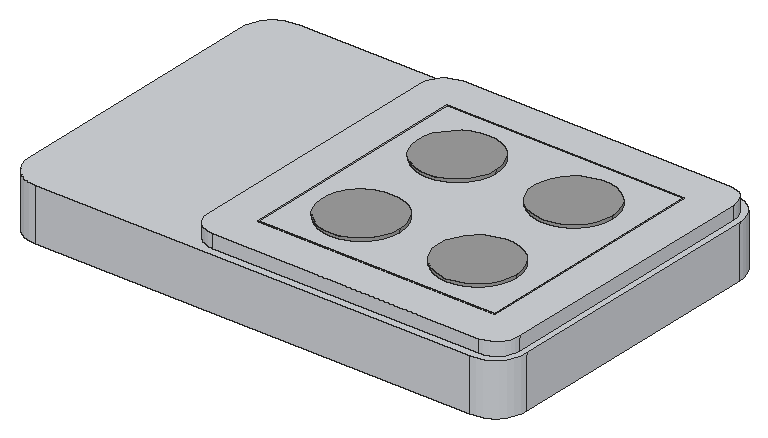
Revit family "Lighting-Industriale-GEWISS-SMART[4]HE_APPARECCHI-LED_1M", category Apparecchi per illuminazione, Revit 2019
Family settings
  Quota connettore circolare = Usa diametro
  Tipo di parte = Normale
  Numero OmniClass = 23.80.00.00
  Titolo OmniClass = Electric Power and Lighting
  Basato su piano di lavoro = Sì
  Sempre verticale = No
  Taglio con vuoti quando caricato = No
  Sorgente d'illuminazione = No
  Condiviso = No
  Punto di calcolo locali = Sì
Parameters (values of type "GWS4122AQ857 - SMART4LB 1M C.PAS.ON/OFF ELL.57K")
  Voltaggio = 230 V
  Viti esterne = "Acciaio inox"
  Vetro acceso = Lampada accesa
  Versione file RFA = "20.11"
  Vano di alimentazione = "Integrato"
  URL = "https://www.gewiss.com/it/it"
  Tolleranza cromatica = "SDCM = 3"
  Tipologia sorgente luminosa = "LED - Non sostituibile"
  Tipo di installazione e montaggio = "Plafone - Parete - Sospensione"
  Tipo di apparecchio = "Riflettore industriale a LED&nbsp;"
  Tensione di alimentazione = "220 - 240 V"
  Temperatura di stoccaggio = "-40 +70 °C"
  Temperatura di esercizio = "-30°C ÷ +50 °C"
  Temperatura di colore = "5700K"
  Superficie massima esposta al vento : = "0,097 m²"
  Spostamento_Y_etichetta [instance] = 0 mm
  Spostamento_Y_effettivo_etichetta [instance] = 1500 mm - Spostamento_Y_etichetta  # 1500 mm
  Spostamento_X_etichetta [instance] = 0 mm
  Spostamento_X_effettivo_etichetta [instance] = 1500 mm - Spostamento_X_etichetta  # 1500 mm
  SostituibilitÃ  piastra di cablaggio = "Non sostituibile"
  SostituibilitÃ  gruppo ottico = "Non sostituibile"
  Sistema di controllo : = "ON / OFF"
  Sistema di controllo = "ON / OFF"
  Schermo = "Vetro Temprato Spessore 4mm"
  Scheda Tecnica = "https://www.gewiss.com/it/it/search?q=GWS4122AQ857"
  SEO = "Low Bay"
  Resistenza al filo incandescente = "850 °C"
  Resistenza agli urti = "IK08"
  Produttore = "GEWISS S.p.A."
  Potenza di sistema = "48W"
  Peso (kg): = "3,5"
  Ottica = "Ellittica"
  Offset etichetta W [instance] = 120 mm
  Norma di riferimento = "EN 60598-1 ; EN 60598-2-1 ; EN 60598-2-24"
  Modello = "GWS4122AQ857"
  Materiali = "-"
  Lumen output (lm) = "6300"
  Lampada = "LED"
  Installazione e manutenzione = "-"
  Informazioni generali = "-"
  Indice di resa cromatica = "CRI-80"
  Inclinazione = "Con accessorio staffa"
  Immagine tipo = GWL1071.jpg
  IPEA = "-"
  IFC.TypeObject = ""
  IFC.ExportType = ""
  IFC.ExportAs = ""
  IDT = "33be10311be341e0b261e3e80f29047b"
  IDF = "1c7b1567-d3fc-4f8d-b279-2371ae55e86b"
  Guarnizioni = "tipo siliconico antinvecchiamento "
  Gruppo ottico = "Riflettore in PC metallizzato e lenti in PMMA"
  Grado di protezione = "IP66"
  Garanzia = "5 anni"
  Gancio di chiusura = "-"
  Frequenza nominale (Hz) = "50/60 Hz"
  Fissaggio = "-"
  Finitura colore = "Grigio RAL 7035"
  Etichetta wattaggio [instance] = yes
  Default Elevation = 1219.2 mm
  Trasformatore = none
  Spessore plafoniera = 40 mm  # constant formula
  Proiettsmart [instance] = yes
  Raggio led = 30 mm  # constant formula
  Plafoniera = none
  Efficienza luminosa (lm/W) = "131"
  Durata di vita = "L90B10 (Tq+25°C) = 70.000 h - L90B10 (Tq+50°C) = 35.000 h"
  Dispositivo di protezione = "DM 6kV / CM 6kV"
  Descrizione = "SMART[4]LB 1M C.PAS.ON/OFF ELL.57K"
  Creato da GEWISS S.p.A. = ""
  Corpo = "PA6 “Halogen Free” caricato fibra vetro"
  Controllo abbagliamento e luminanza = "-"
  Contesto = "Illuminazione di logistiche e locali produttivi industriali"
  Commenti sul wattaggio = "50W"
  Colore = "Grigio RAL 7035"
  Codice digitale univoco (Datamatrix) = "Datamatrix"
  Codice Electrocod = "2444"
  Classificazione: = "-"
  Classificazione = Lighting
  Classe isolamento = "I"
  Classe fotobiologica = "RG0"
  Certificazioni e classificazioni = "-"
  Certificazione DIN 18032-3 = "Con Staffa - Kit Funi + morsetto (in approvazione)"
  Catalogo = "LIGHTING"
  Carico apparente = 50 VA
  Motore = none
  Lunghezza = 383 mm  # constant formula
  Larghezza = 253 mm  # constant formula
  Distanza tot_plafoniera = 74 mm  # constant formula
  Dettaglio bidimensionale attivo [instance] = not(Proiettsmart)  # no
  Caratteristiche ottiche e illuminotecniche = "-"
  Caratteristiche elettriche e gestione della luce = "-"
  Cablaggio = "Con connettore stagno Gw connect"
  COBie.Tagnumber = ""
  COBie.CreatedOn = ""
  COBie.CreatebBy = ""
  COBie.ComponentRegisterItemID = ""
  COBie.Component.TagNumber = ""
  COBie.Component.Space = ""
  COBie.Component.SerialNumber = ""
  COBie.Component.InstallationDate = ""
  COBie.Component.Description = ""
  COBie.Component.BarCode = ""
  Applicazione = "Interno"
  Apparecchio a ridotta temperatura superficiale = "Si"
  Alimentatore = "Incluso"
Types (36, lengths in mm): name | Temperatura di colore | Scheda Tecnica | SEO | Ottica | Modello | Lumen output (lm) | IDT | Gruppo ottico | Efficienza luminosa (lm/W) | Descrizione | Controllo abbagliamento e luminanza
  GWS4120AA840 - SMART4LB 1M ST.AL.ON/OFF ARR.40K | "4000K" | "https://www.gewiss.com/it/it/search?q=GWS4120AA840" | "" | "Array" | "GWS4120AA840" | "7100" | "f4382901f8424fbbbac38d49df0c161a" | "Riflettore in PC metallizzato" | "148" | "SMART[4]LB 1M ST.AL.ON/OFF ARR.40K" | "-"
  GWS4120AA857 - SMART4LB 1M ST.AL.ON/OFF ARR.57K | "5700K" | "https://www.gewiss.com/it/it/search?q=GWS4120AA857" | "" | "Array" | "GWS4120AA857" | "7100" | "917cf8daf31e47babaa1d8ad2e5c4577" | "Riflettore in PC metallizzato" | "148" | "SMART[4]LB 1M ST.AL.ON/OFF ARR.57K" | "-"
  GWS4120AC840 - SMART4LB 1M ST.AL.ON/OFF ASI.40K | "4000K" | "https://www.gewiss.com/it/it/search?q=GWS4120AC840" | "Low Bay" | "Asimmetrica" | "GWS4120AC840" | "6300" | "cfe0a6cbb8754d1ba19a8b42c7e049e7" | "Riflettore in PC metallizzato e lenti in PMMA" | "131" | "SMART[4]LB 1M ST.AL.ON/OFF ASI.40K" | "-"
  GWS4120AC857 - SMART4LB 1M ST.AL.ON/OFF ASI.57K | "5700K" | "https://www.gewiss.com/it/it/search?q=GWS4120AC857" | "Low Bay" | "Asimmetrica" | "GWS4120AC857" | "6300" | "0cee000b38d24c79a752d9e173a8e8a4" | "Riflettore in PC metallizzato e lenti in PMMA" | "131" | "SMART[4]LB 1M ST.AL.ON/OFF ASI.57K" | "-"
  GWS4120AA830 - SMART4LB 1M ST.AL.ON/OFF ARR.30K | "3000K" | "https://www.gewiss.com/it/it/search?q=GWS4120AA830" | "" | "Array" | "GWS4120AA830" | "6700" | "0900a4c2dbf244ec9064f84279651cee" | "Riflettore in PC metallizzato" | "140" | "SMART[4]LB 1M ST.AL.ON/OFF ARR.30K" | "-"
  GWS4120AC830 - SMART4LB 1M ST.AL.ON/OFF ASI.30K | "3000K" | "https://www.gewiss.com/it/it/search?q=GWS4120AC830" | "Low Bay" | "Asimmetrica" | "GWS4120AC830" | "6000" | "3c35a3669bea4e4e920841ebc7eee372" | "Riflettore in PC metallizzato e lenti in PMMA" | "125" | "SMART[4]LB 1M ST.AL.ON/OFF ASI.30K" | "-"
  GWS4120AF830 - SMART4LB 1M ST.AL.ON/OFF 30° 30K | "3000K" | "https://www.gewiss.com/it/it/search?q=GWS4120AF830" | "" | "30°" | "GWS4120AF830" | "6600" | "41514ad0c5644d9a836d9b92989e7934" | "Riflettore in PC metallizzato e lenti in PMMA" | "138" | "SMART[4]LB 1M ST.AL.ON/OFF 30° 30K" | "UGR - 22"
  GWS4120AF840 - SMART4LB 1M ST.AL.ON/OFF 30° 40K | "4000K" | "https://www.gewiss.com/it/it/search?q=GWS4120AF840" | "" | "30°" | "GWS4120AF840" | "7000" | "190b0556e16b43aeb0cdb045f2df5ea0" | "Riflettore in PC metallizzato e lenti in PMMA" | "146" | "SMART[4]LB 1M ST.AL.ON/OFF 30° 40K" | "UGR - 22"
  GWS4120AF857 - SMART4LB 1M ST.AL.ON/OFF 30° 57K | "5700K" | "https://www.gewiss.com/it/it/search?q=GWS4120AF857" | "" | "30°" | "GWS4120AF857" | "7000" | "60e2c1efdd7c4bb489ee4e99856a79e1" | "Riflettore in PC metallizzato e lenti in PMMA" | "146" | "SMART[4]LB 1M ST.AL.ON/OFF 30° 57K" | "UGR - 22"
  GWS4120AH830 - SMART4LB 1M ST.AL.ON/OFF 60° 30K | "3000K" | "https://www.gewiss.com/it/it/search?q=GWS4120AH830" | "" | "60°" | "GWS4120AH830" | "6700" | "29ccc0823ecf43e492c591b95f9ba69b" | "Riflettore in PC metallizzato e lenti in PMMA" | "140" | "SMART[4]LB 1M ST.AL.ON/OFF 60° 30K" | "UGR - 22"
  GWS4120AH840 - SMART4LB 1M ST.AL.ON/OFF 60° 40K | "4000K" | "https://www.gewiss.com/it/it/search?q=GWS4120AH840" | "" | "60°" | "GWS4120AH840" | "7000" | "c7b70e766e7241369a8fdb9ff1ae4ba1" | "Riflettore in PC metallizzato e lenti in PMMA" | "146" | "SMART[4]LB 1M ST.AL.ON/OFF 60° 40K" | "UGR - 22"
  GWS4120AH857 - SMART4LB 1M ST.AL.ON/OFF 60° 57K | "5700K" | "https://www.gewiss.com/it/it/search?q=GWS4120AH857" | "" | "60°" | "GWS4120AH857" | "7000" | "02c808d90e7849e1a8a95633b2f57572" | "Riflettore in PC metallizzato e lenti in PMMA" | "146" | "SMART[4]LB 1M ST.AL.ON/OFF 60° 57K" | "UGR - 22"
  GWS4120AP830 - SMART4LB 1M ST.AL.ON/OFF 90° 30K | "3000K" | "https://www.gewiss.com/it/it/search?q=GWS4120AP830" | "" | "90°" | "GWS4120AP830" | "6800" | "aedb1b32006843dbb99d6f24d8b22d4c" | "Riflettore in PC metallizzato e lenti in PMMA" | "142" | "SMART[4]LB 1M ST.AL.ON/OFF 90° 30K" | "UGR - 25"
  GWS4120AP840 - SMART4LB 1M ST.AL.ON/OFF 90° 40K | "4000K" | "https://www.gewiss.com/it/it/search?q=GWS4120AP840" | "" | "90°" | "GWS4120AP840" | "7200" | "a4061870e39741bd95ec27f9fe2bbb80" | "Riflettore in PC metallizzato e lenti in PMMA" | "150" | "SMART[4]LB 1M ST.AL.ON/OFF 90° 40K" | "UGR - 25"
  GWS4120AP857 - SMART4LB 1M ST.AL.ON/OFF 90° 57K | "5700K" | "https://www.gewiss.com/it/it/search?q=GWS4120AP857" | "" | "90°" | "GWS4120AP857" | "7200" | "2876da5b102a4f20bb4c881609f22a28" | "Riflettore in PC metallizzato e lenti in PMMA" | "150" | "SMART[4]LB 1M ST.AL.ON/OFF 90° 57K" | "UGR - 25"
  GWS4120AQ830 - SMART4LB 1M ST.AL.ON/OFF ELL.30K | "3000K" | "https://www.gewiss.com/it/it/search?q=GWS4120AQ830" | "Low Bay" | "Ellittica" | "GWS4120AQ830" | "6000" | "5a7fda3a2a644d6089aa3629742bbc59" | "Riflettore in PC metallizzato e lenti in PMMA" | "125" | "SMART[4]LB 1M ST.AL.ON/OFF ELL.30K" | "-"
  GWS4120AQ840 - SMART4LB 1M ST.AL.ON/OFF ELL.40K | "4000K" | "https://www.gewiss.com/it/it/search?q=GWS4120AQ840" | "Low Bay" | "Ellittica" | "GWS4120AQ840" | "6300" | "b8e5d04ad7324632af67847644f9c8f6" | "Riflettore in PC metallizzato e lenti in PMMA" | "131" | "SMART[4]LB 1M ST.AL.ON/OFF ELL.40K" | "-"
  GWS4120AQ857 - SMART4LB 1M ST.AL.ON/OFF ELL.57K | "5700K" | "https://www.gewiss.com/it/it/search?q=GWS4120AQ857" | "Low Bay" | "Ellittica" | "GWS4120AQ857" | "6300" | "b24db9ef53b5451cb1bb3207fb4a4e4c" | "Riflettore in PC metallizzato e lenti in PMMA" | "131" | "SMART[4]LB 1M ST.AL.ON/OFF ELL.57K" | "-"
  GWS4122AA830 - SMART4LB 1M C.PAS.ON/OFF ARR.30K | "3000K" | "https://www.gewiss.com/it/it/search?q=GWS4122AA830" | "" | "Array" | "GWS4122AA830" | "6700" | "eb177aab06e742e3b3b2cbe86593fec2" | "Riflettore in PC metallizzato" | "140" | "SMART[4]LB 1M C.PAS.ON/OFF ARR.30K" | "-"
  GWS4122AA840 - SMART4LB 1M C.PAS.ON/OFF ARR.40K | "4000K" | "https://www.gewiss.com/it/it/search?q=GWS4122AA840" | "" | "Array" | "GWS4122AA840" | "7100" | "578bd9e5039c409382598015cc2e3cb7" | "Riflettore in PC metallizzato" | "148" | "SMART[4]LB 1M C.PAS.ON/OFF ARR.40K" | "-"
  GWS4122AA857 - SMART4LB 1M C.PAS.ON/OFF ARR.57K | "5700K" | "https://www.gewiss.com/it/it/search?q=GWS4122AA857" | "" | "Array" | "GWS4122AA857" | "7100" | "854348c82adc4ec9b0c0a708a3682d15" | "Riflettore in PC metallizzato" | "148" | "SMART[4]LB 1M C.PAS.ON/OFF ARR.57K" | "-"
  GWS4122AC830 - SMART4LB 1M C.PAS.ON/OFF ASI.30K | "3000K" | "https://www.gewiss.com/it/it/search?q=GWS4122AC830" | "Low Bay" | "Asimmetrica" | "GWS4122AC830" | "6000" | "c7a5391010f347c98405f283fd45b83f" | "Riflettore in PC metallizzato e lenti in PMMA" | "125" | "SMART[4]LB 1M C.PAS.ON/OFF ASI.30K" | "-"
  GWS4122AC840 - SMART4LB 1M C.PAS.ON/OFF ASI.40K | "4000K" | "https://www.gewiss.com/it/it/search?q=GWS4122AC840" | "Low Bay" | "Asimmetrica" | "GWS4122AC840" | "6300" | "2073efe048fa4ac180f79191df90003c" | "Riflettore in PC metallizzato e lenti in PMMA" | "131" | "SMART[4]LB 1M C.PAS.ON/OFF ASI.40K" | "-"
  GWS4122AC857 - SMART4LB 1M C.PAS.ON/OFF ASI.57K | "5700K" | "https://www.gewiss.com/it/it/search?q=GWS4122AC857" | "Low Bay" | "Asimmetrica" | "GWS4122AC857" | "6300" | "62f1a6f3a77b4e9fac1ef768dd21c622" | "Riflettore in PC metallizzato e lenti in PMMA" | "131" | "SMART[4]LB 1M C.PAS.ON/OFF ASI.57K" | "-"
  GWS4122AF830 - SMART4LB 1M C.PAS.ON/OFF 30° 30K | "3000K" | "https://www.gewiss.com/it/it/search?q=GWS4122AF830" | "" | "30°" | "GWS4122AF830" | "6600" | "0f02be5fd2ff47478f69fbf9e8507c8d" | "Riflettore in PC metallizzato e lenti in PMMA" | "138" | "SMART[4]LB 1M C.PAS.ON/OFF 30° 30K" | "UGR - 22"
  GWS4122AF840 - SMART4LB 1M C.PAS.ON/OFF 30° 40K | "4000K" | "https://www.gewiss.com/it/it/search?q=GWS4122AF840" | "" | "30°" | "GWS4122AF840" | "7000" | "5a12f1645e4a4495a7228c5699ae6f70" | "Riflettore in PC metallizzato e lenti in PMMA" | "146" | "SMART[4]LB 1M C.PAS.ON/OFF 30° 40K" | "UGR - 22"
  GWS4122AF857 - SMART4LB 1M C.PAS.ON/OFF 30° 57K | "5700K" | "https://www.gewiss.com/it/it/search?q=GWS4122AF857" | "" | "30°" | "GWS4122AF857" | "7000" | "4f2a85a9916243ef90e4df300711cc9f" | "Riflettore in PC metallizzato e lenti in PMMA" | "146" | "SMART[4]LB 1M C.PAS.ON/OFF 30° 57K" | "UGR - 22"
  GWS4122AH830 - SMART4LB 1M C.PAS.ON/OFF 60° 30K | "3000K" | "https://www.gewiss.com/it/it/search?q=GWS4122AH830" | "" | "60°" | "GWS4122AH830" | "6700" | "4fb6251530e94755964a5951b396a1e6" | "Riflettore in PC metallizzato e lenti in PMMA" | "140" | "SMART[4]LB 1M C.PAS.ON/OFF 60° 30K" | "UGR - 22"
  GWS4122AH840 - SMART4LB 1M C.PAS.ON/OFF 60° 40K | "4000K" | "https://www.gewiss.com/it/it/search?q=GWS4122AH840" | "" | "60°" | "GWS4122AH840" | "7000" | "1f9c7aa2271d4b90bdffca9c9c9798d0" | "Riflettore in PC metallizzato e lenti in PMMA" | "146" | "SMART[4]LB 1M C.PAS.ON/OFF 60° 40K" | "UGR - 22"
  GWS4122AH857 - SMART4LB 1M C.PAS.ON/OFF 60° 57K | "5700K" | "https://www.gewiss.com/it/it/search?q=GWS4122AH857" | "" | "60°" | "GWS4122AH857" | "7000" | "f64890ba476a43c88607518148c11520" | "Riflettore in PC metallizzato e lenti in PMMA" | "146" | "SMART[4]LB 1M C.PAS.ON/OFF 60° 57K" | "UGR - 22"
  GWS4122AP830 - SMART4LB 1M C.PAS.ON/OFF 90° 30K | "3000K" | "https://www.gewiss.com/it/it/search?q=GWS4122AP830" | "" | "90°" | "GWS4122AP830" | "6800" | "4c6e023df58d42aaa830a944ddf0b379" | "Riflettore in PC metallizzato e lenti in PMMA" | "142" | "SMART[4]LB 1M C.PAS.ON/OFF 90° 30K" | "UGR - 25"
  GWS4122AP840 - SMART4LB 1M C.PAS.ON/OFF 90° 40K | "4000K" | "https://www.gewiss.com/it/it/search?q=GWS4122AP840" | "" | "90°" | "GWS4122AP840" | "7200" | "fd64719c42574fdc993a6698fccc5fb8" | "Riflettore in PC metallizzato e lenti in PMMA" | "150" | "SMART[4]LB 1M C.PAS.ON/OFF 90° 40K" | "UGR - 25"
  GWS4122AP857 - SMART4LB 1M C.PAS.ON/OFF 90° 57K | "5700K" | "https://www.gewiss.com/it/it/search?q=GWS4122AP857" | "" | "90°" | "GWS4122AP857" | "7200" | "89fd8a096f0e45aca0f1865f82215dba" | "Riflettore in PC metallizzato e lenti in PMMA" | "150" | "SMART[4]LB 1M C.PAS.ON/OFF 90° 57K" | "UGR - 25"
  GWS4122AQ830 - SMART4LB 1M C.PAS.ON/OFF ELL.30K | "3000K" | "https://www.gewiss.com/it/it/search?q=GWS4122AQ830" | "Low Bay" | "Ellittica" | "GWS4122AQ830" | "6000" | "0cf880981e584a3c93b72c7f0703cf56" | "Riflettore in PC metallizzato e lenti in PMMA" | "125" | "SMART[4]LB 1M C.PAS.ON/OFF ELL.30K" | "-"
  GWS4122AQ840 - SMART4LB 1M C.PAS.ON/OFF ELL.40K | "4000K" | "https://www.gewiss.com/it/it/search?q=GWS4122AQ840" | "Low Bay" | "Ellittica" | "GWS4122AQ840" | "6300" | "748383b727ad4d62b12320053c7280f8" | "Riflettore in PC metallizzato e lenti in PMMA" | "131" | "SMART[4]LB 1M C.PAS.ON/OFF ELL.40K" | "-"
  GWS4122AQ857 - SMART4LB 1M C.PAS.ON/OFF ELL.57K | "5700K" | "https://www.gewiss.com/it/it/search?q=GWS4122AQ857" | "Low Bay" | "Ellittica" | "GWS4122AQ857" | "6300" | "33be10311be341e0b261e3e80f29047b" | "Riflettore in PC metallizzato e lenti in PMMA" | "131" | "SMART[4]LB 1M C.PAS.ON/OFF ELL.57K" | "-"
Reference planes
  plane 1 "Centro (Fronte/Retro)": y = 0
  plane 2: z = 0
  plane 3 "Centro (Sinistra/Destra)": x = 0
  plane 4: x = -191.5
  plane 5: y = 126.5
  plane 6: x = 191.5
  plane 7: y = -126.5
  plane 8: z = -74
  plane 9: x = -175.5
  plane 10: y = -110.5
  plane 11: y = 110.5
  plane 12: x = -60.5
  plane 13: y = 121.5
  plane 14: x = 186.5
  plane 15: y = -120
  plane 16: z = 74
  plane 17: z = 84
  plane 18: z = 86
  plane 19: x = -1500
  plane 20: y = -1500
  plane 21: x = 0
  plane 22: y = 0
Dimensions and locks
  equal spacing: plane 5, plane 1 "Centro (Fronte/Retro)", plane 7
  equal spacing: plane 4, plane 3 "Centro (Sinistra/Destra)", plane 6
  "Lunghezza": plane 4 to plane 6
  "Larghezza": plane 5 to plane 7
  locked: plane 14 to plane 6 at 5
  locked: plane 5 to plane 13 at 5
  nested 3 to plane 8 = 133.058 mm
  locked: plane 4 to plane 9 at 16
  "Offset etichetta W": plane 1 "Centro (Fronte/Retro)" to plane 15
  "Distanza tot_plafoniera": plane 16 to level
  locked: plane 18 to plane 17 at 2
  plane 19 to plane 3 "Centro (Sinistra/Destra)" = 1500 mm
  plane 1 "Centro (Fronte/Retro)" to plane 20 = 1500 mm
  "Spostamento_Y_effettivo_etichetta": plane 22 to plane 20
  "Spostamento_X_effettivo_etichetta": plane 19 to plane 21
  aligned and locked: level to plane 2
  aligned and locked: plane 4 to nested 1
  aligned and locked: plane 6 to nested 1
  aligned and locked: plane 5 to nested 1
  aligned and locked: plane 7 to nested 1
  aligned and locked: plane 14 to nested 2
  aligned and locked: plane 1 "Centro (Fronte/Retro)" to nested 10
  aligned and locked: nested 3 to plane 2
  aligned and locked: plane 16 to nested 1
  aligned and locked: plane 1 "Centro (Fronte/Retro)" to nested 8
  aligned and locked: plane 1 "Centro (Fronte/Retro)" to nested 1
  aligned and locked: plane 1 "Centro (Fronte/Retro)" to nested 2
  aligned and locked: nested 2 to plane 16
  aligned and locked: nested 4 to plane 18
  aligned and locked: plane 18 to nested 6
  aligned and locked: nested 7 to plane 18
  aligned and locked: plane 18 to nested 5
  aligned and locked: nested 9 to plane 22
  aligned and locked: plane 21 to nested 9
Nested families
  nested 1: "Struttura_SMART[4] LB - 2+2 L" at (0, 0, 74), type "SMART Lab (4) 4L"
  nested 2: "mascherina_SMART (4)" at (66.5, 0, 84), type "Maschera_smart (4) 4L", detail levels medium+fine
  nested 3: "Staffa SMART LAB 4" at (65, -20, 59.058) x (0, 1, 0) z (0, 0, -1), type "Staffa SMART LAB 4", detail levels medium+fine
  nested 4: "Gewis - Led" at (20.25, 44.75, 86), type "Gewis - Led", detail levels fine
  nested 5: "Gewis - Led" at (109.75, 44.75, 86) x (-1, 0, 0) z (0, 0, 1), type "Gewis - Led", detail levels fine
  nested 6: "Gewis - Led" at (20.25, -47.75, 86), type "Gewis - Led", detail levels fine
  nested 7: "Gewis - Led" at (109.75, -47.75, 86) x (-1, 0, 0) z (0, 0, 1), type "Gewis - Led", detail levels fine
  nested 8: "Rappr_bidimensionale_SMART[4] LB 4L" at (40, 0, 0), visible <- "Dettaglio bidimensionale attivo", type "SMART[4] LB 4L_bidimensionalerfa"
  nested 9: "ETICHETTA LIGHT" at (0, 0, 0), visible <- "Etichetta wattaggio", type "ETICHETTA LIGHT"
  nested 10: "PROIETTSMART " at (-32.162, 0, 0), visible <- "Proiettsmart", type "PROIETTSMART "
Connectors
  electrical at (0.009, -0.098, 34), driven by "Classificazione", driven by "Carico apparente"
    settings: on nested 1, index 1, voltage 230 V, apparent load 0 VA, apparent load phase1 50 VA, apparent load phase2 0 VA, apparent load phase3 0 VA, power factor 1, load classification "Lighting", number of poles 2, system type 31, power factor state 1, is connector primary yes, connector utility no, sub classification motor no, connector description ""
Definition of nested family "Struttura_SMART[4] LB - 2+2 L"
  Parameters (values of type "SMART Lab (4) 4L")
    Struttura plafoniera = none
    Spessore_plafoniera = 40 mm
    Lunghezza = 383 mm
    Larghezza = 253 mm
  Reference planes
    plane 1 "Asse sorgente illuminazione (F/B)": y = 0
    plane 2: z = 0
    plane 3 "Asse sorgente illuminazione (L/R)": x = 0
    plane 4 "Prospetto sorgente di illuminazione": z = -40
    plane 5 "SX": x = -191.5
    plane 6 "DX": x = 191.5
    plane 7 "DIETRO": y = 126.5
    plane 8 "AVANTI": y = -126.5
    plane 9: x = -51.5
    plane 10: x = 180.5
    plane 11: y = -115.5
    plane 12: y = 115.5
    plane 13: x = -180.5
    plane 14: x = 51.5
  Forms (mm)
    Extrusion 1, solid, material <- "Struttura plafoniera"
      sketch origin (0, 0, 0) x (1, 0, 0) y (0, 1, 0)
        loop
          line (191.5, -102.095) -> (191.5, 102.09)
          arc (191.5, 102.09) -> (184.35, 119.35) -> (167.09, 126.5) r 24.41
          line (167.09, 126.5) -> (-167.009, 126.5)
          arc (-167.009, 126.5) -> (-184.554, 119.1) -> (-191.5, 101.371) r 24.499
          line (-191.5, 101.371) -> (-191.5, -102.092)
          arc (-191.5, -102.092) -> (-184.351, -119.351) -> (-167.092, -126.5) r 24.408
          line (-167.092, -126.5) -> (167.117, -126.5)
          arc (167.117, -126.5) -> (184.334, -119.368) -> (191.465, -102.152) r 24.348
      from -40 to 0
  Dimensions and locks
    equal spacing: plane 5 "SX", plane 3 "Asse sorgente illuminazione (L/R)", plane 6 "DX"
    equal spacing: plane 7 "DIETRO", plane 1 "Asse sorgente illuminazione (F/B)", plane 8 "AVANTI"
    "Lunghezza": plane 5 "SX" to plane 6 "DX"
    "Larghezza": plane 7 "DIETRO" to plane 8 "AVANTI"
    locked: plane 7 "DIETRO" to plane 12 at 11
    locked: plane 11 to plane 8 "AVANTI" at 11
    locked: plane 10 to plane 6 "DX" at 11
    locked: plane 9 to plane 10 at 232
    plane 13 to plane 14 = 232 mm
    locked: plane 5 "SX" to plane 13 at 11
    "Spessore_plafoniera": plane 2 to plane 4 "Prospetto sorgente di illuminazione"
    aligned and locked: level to plane 2
    aligned and locked: Extrusion 1 to plane 5 "SX"
    aligned and locked: Extrusion 1 to plane 8 "AVANTI"  (x2)
    aligned and locked: plane 7 "DIETRO" to Extrusion 1
    aligned and locked: plane 6 "DX" to Extrusion 1
    aligned and locked: plane 4 "Prospetto sorgente di illuminazione" to Extrusion 1
    aligned and locked: plane 2 to Extrusion 1
  Automatic sketch dimensions
    Extrusion 1 sketch curve to plane 5 "SX" = 0 mm
    Extrusion 1 sketch curve to plane 8 "AVANTI" = 0 mm
    Extrusion 1 sketch curve to plane 7 "DIETRO" = 0 mm
    Extrusion 1 sketch curve to plane 6 "DX" = 0 mm
    plane 13 to Extrusion 1 sketch curve = 13.408 mm
    plane 13 to Extrusion 1 sketch curve = 13.491 mm
    Extrusion 1 sketch curve to plane 10 = 13.41 mm
    Extrusion 1 sketch curve to plane 10 = 13.383 mm
    plane 11 to Extrusion 1 sketch curve = 13.348 mm
    Extrusion 1 sketch curve to plane 12 = 14.129 mm
    Extrusion 1 sketch curve to Extrusion 1 sketch curve = 0.056 mm
Definition of nested family "mascherina_SMART (4)"
  Parameters (values of type "Maschera_smart (4) 4L")
    Spessore_mascherina = 10 mm
    Default Elevation = 1219.2 mm
    N.intarsi = (Lunghezza_mascherina - (Bordo * 2)) / 15 mm  # 12
    N._intarsi verticale = (Larghezza_mascherina - (Bordo * 2)) / 17 mm  # 11
    Mascherina = none
    Lunghezza_mascherina = 240 mm
    Larghezza_mascherina = 240 mm
    Distanza_intarsi v. = 41 mm  # constant formula
    Distanza_intarsi = 37 mm  # constant formula
    Bordo = 29 mm
  Reference planes
    plane 1 "Centro (Fronte/Retro)": y = 0
    plane 2: z = 0
    plane 3 "Centro (Sinistra/Destra)": x = 0
    plane 4: x = -120
    plane 5 "Dietro": y = 120
    plane 6: x = 120
    plane 7: y = -120
    plane 8: x = -91
    plane 9: y = -91
    plane 10: x = 91
    plane 11: y = 91
    plane 12: x = -83
    plane 13: y = 94.742
    plane 14: y = -95
    plane 15: z = -10
    plane 16: x = -95
    plane 17: y = 79
    plane 18: y = -79
    plane 19: x = 95
    plane 20: z = -4.799
  Forms (mm)
    Extrusion 1, solid, material <- "Mascherina"
      sketch origin (0, 0, 0) x (1, 0, 0) y (0, 1, 0)
        loop
          arc (-102.5, 120) -> (-114.874, 114.874) -> (-120, 102.5) r 17.5
          line (-120, 102.5) -> (-120, -102.5)
          arc (-120, -102.5) -> (-114.874, -114.874) -> (-102.5, -120) r 17.5
          line (-102.5, -120) -> (102.5, -120)
          arc (102.5, -120) -> (114.874, -114.874) -> (120, -102.5) r 17.5
          line (120, -102.5) -> (120, 102.5)
          arc (120, 102.5) -> (114.874, 114.874) -> (102.5, 120) r 17.5
          line (102.5, 120) -> (-102.5, 120)
        loop
          line (-91, 91) -> (-91, -91) -> (91, -91) -> (91, 91) -> (-91, 91)
      from -10 to 0
    Extrusion 2, solid, material <- "Mascherina"
      sketch origin (0, 0, 0) x (1, 0, 0) y (0, 1, 0)
        loop
          line (-91, 91) -> (-91, -91) -> (91, -91) -> (91, 91) -> (-91, 91)
      from -4.799 to 0
  Dimensions and locks
    equal spacing: plane 4, plane 3 "Centro (Sinistra/Destra)", plane 6
    "Lunghezza_mascherina": plane 4 to plane 6
    equal spacing: plane 5 "Dietro", plane 1 "Centro (Fronte/Retro)", plane 7
    "Larghezza_mascherina": plane 5 "Dietro" to plane 7
    "Bordo": plane 4 to plane 8
    "Bordo": plane 9 to plane 7
    "Bordo": plane 5 "Dietro" to plane 11
    "Bordo": plane 10 to plane 6
    "Distanza_intarsi": plane 4 to plane 12
    locked: plane 13 to plane 11 at 3.742
    "Spessore_mascherina": plane 2 to plane 15
    "Distanza_intarsi v.": plane 5 "Dietro" to plane 17
    "Distanza_intarsi v.": plane 18 to plane 7
    locked: plane 9 to plane 14 at 4
    locked: plane 16 to plane 8 at 4
    locked: plane 10 to plane 19 at 4
    locked: plane 2 to plane 20 at 4.799
    radius of Extrusion 1 sketch curve = 17.5 mm  (x4)
    aligned and locked: level to plane 2
    aligned and locked: plane 4 to Extrusion 1 sketch curve
    aligned and locked: plane 6 to Extrusion 1 sketch curve
    aligned and locked: Extrusion 1 sketch curve to plane 5 "Dietro"
    aligned and locked: Extrusion 1 sketch curve to plane 7
    aligned and locked: Extrusion 1 sketch curve to plane 11
    aligned and locked: plane 8 to Extrusion 1 sketch curve
    aligned and locked: plane 9 to Extrusion 1 sketch curve
    aligned and locked: Extrusion 1 sketch curve to plane 10
    aligned and locked: plane 2 to Extrusion 1
    aligned and locked: Extrusion 1 to plane 15
    aligned and locked: Extrusion 2 sketch curve to plane 10
    aligned and locked: plane 9 to Extrusion 2 sketch curve
    aligned and locked: plane 8 to Extrusion 2 sketch curve
    aligned and locked: Extrusion 2 sketch curve to plane 11
    aligned and locked: plane 2 to Extrusion 2
    aligned and locked: Extrusion 2 to plane 20
Definition of nested family "Staffa SMART LAB 4"
  Parameters (values of type "Staffa SMART LAB 4")
    Staffa = none
    Default Elevation = 1219.2 mm
  Reference planes
    plane 1 "Centro (Fronte/Retro)": y = 0
    plane 2: z = 0
    plane 3 "Centro (Sinistra/Destra)": x = 0
    plane 4: y = 25
    plane 5: y = -25
    plane 6: x = -480
    plane 7: x = 480
    plane 8: z = 340
  Forms (mm)
    Extrusion 1, solid, material <- "Staffa"
      sketch origin (-19.427, 0, 0) x (1, 0, 0) y (0, 0, 1)
        loop
          line (-52.112, 0) -> (-51.312, 0) -> (-51.312, 5.038) -> (-51.312, 7.679) -> (-48.064, 11.553) -> (-48.309, 20.832)
          arc (-48.309, 20.832) -> (-48.108, 21.384) -> (-47.585, 21.651) r 0.801
          line (-47.585, 21.651) -> (-46.541, 21.744)
          arc (-46.541, 21.744) -> (-45.388, 22.346) -> (-44.998, 23.587) r 1.701
          line (-44.998, 23.587) -> (-45.225, 26.168) -> (-47.881, 28.39) -> (-47.881, 32.971) -> (-23.475, 58.058) -> (62.329, 58.058) -> (86.735, 32.971) -> (86.735, 28.39) -> (84.08, 26.168) -> (83.852, 23.587)
          arc (83.852, 23.587) -> (84.243, 22.346) -> (85.396, 21.744) r 1.701
          line (85.396, 21.744) -> (86.439, 21.651)
          arc (86.439, 21.651) -> (86.963, 21.384) -> (87.163, 20.832) r 0.801
          line (87.163, 20.832) -> (86.919, 11.553) -> (90.167, 7.679) -> (90.167, 5.038) -> (90.167, 0) -> (90.967, 0) -> (90.967, 5.038) -> (90.967, 7.979) -> (87.921, 11.618) -> (88.163, 20.806)
          arc (88.163, 20.806) -> (87.71, 22.048) -> (86.531, 22.647) r 1.801
          line (86.531, 22.647) -> (85.484, 22.74)
          arc (85.484, 22.74) -> (85.009, 22.988) -> (84.849, 23.499) r 0.701
          line (84.849, 23.499) -> (85.039, 25.667) -> (87.735, 27.923) -> (87.735, 32.876) -> (86.947, 34.187) -> (62.751, 59.058) -> (-23.897, 59.058) -> (-48.093, 34.187) -> (-48.881, 32.876) -> (-48.881, 27.923) -> (-46.185, 25.667) -> (-45.994, 23.499)
          arc (-45.994, 23.499) -> (-46.155, 22.988) -> (-46.63, 22.74) r 0.701
          line (-46.63, 22.74) -> (-47.676, 22.647)
          arc (-47.676, 22.647) -> (-48.856, 22.048) -> (-49.308, 20.806) r 1.801
          line (-49.308, 20.806) -> (-49.066, 11.618) -> (-52.112, 7.979) -> (-52.112, 5.038) -> (-52.112, 0)
      from -25 to 25
  Dimensions and locks
    equal spacing: plane 6, plane 3 "Centro (Sinistra/Destra)", plane 7
    equal spacing: plane 4, plane 1 "Centro (Fronte/Retro)", plane 5
    plane 4 to plane 5 = 50 mm
    plane 6 to plane 7 = 960 mm
    aligned and locked: level to plane 2
    aligned and locked: plane 4 to Extrusion 1
    aligned and locked: Extrusion 1 to plane 5
  Automatic sketch dimensions
    Extrusion 1 sketch curve to Extrusion 1 sketch curve = 0 mm  (x10)
    Extrusion 1 sketch curve to level = 0 mm  (x2)
    level to Extrusion 1 sketch curve = 5.038 mm
    Extrusion 1 sketch curve to plane 3 "Centro (Sinistra/Destra)" = 71.54 mm
    Extrusion 1 sketch curve to Extrusion 1 sketch curve = 0.8 mm  (x2)
    level to Extrusion 1 sketch curve = 20.806 mm  (x2)
    Extrusion 1 sketch curve to Extrusion 1 sketch curve = 2.804 mm
    level to Extrusion 1 sketch curve = 11.618 mm  (x2)
    Extrusion 1 sketch curve to Extrusion 1 sketch curve = 2.246 mm  (x2)
    Extrusion 1 sketch curve to Extrusion 1 sketch curve = 0.428 mm
    level to Extrusion 1 sketch curve = 20.832 mm  (x2)
    Extrusion 1 sketch curve to Extrusion 1 sketch curve = 1 mm  (x4)
    Extrusion 1 sketch curve to Extrusion 1 sketch curve = 0.788 mm
    level to Extrusion 1 sketch curve = 11.553 mm  (x2)
    Extrusion 1 sketch curve to Extrusion 1 sketch curve = 1.002 mm  (x2)
    level to Extrusion 1 sketch curve = 22.647 mm  (x2)
    Extrusion 1 sketch curve to Extrusion 1 sketch curve = 0.632 mm
    level to Extrusion 1 sketch curve = 21.651 mm  (x2)
    Extrusion 1 sketch curve to Extrusion 1 sketch curve = 0.092 mm  (x2)
    Extrusion 1 sketch curve to Extrusion 1 sketch curve = 0.984 mm
    level to Extrusion 1 sketch curve = 22.74 mm  (x2)
    Extrusion 1 sketch curve to Extrusion 1 sketch curve = 0.062 mm
    level to Extrusion 1 sketch curve = 21.744 mm  (x2)
    Extrusion 1 sketch curve to Extrusion 1 sketch curve = 0.088 mm
    Extrusion 1 sketch curve to Extrusion 1 sketch curve = 0.507 mm
    level to Extrusion 1 sketch curve = 23.499 mm  (x2)
    Extrusion 1 sketch curve to Extrusion 1 sketch curve = 0.698 mm  (x2)
    Extrusion 1 sketch curve to Extrusion 1 sketch curve = 0.96 mm  (x2)
    level to Extrusion 1 sketch curve = 23.587 mm  (x2)
    Extrusion 1 sketch curve to plane 3 "Centro (Sinistra/Destra)" = 43.324 mm
    Extrusion 1 sketch curve to Extrusion 1 sketch curve = 0.422 mm  (x2)
    plane 3 "Centro (Sinistra/Destra)" to Extrusion 1 sketch curve = 42.902 mm
    Extrusion 1 sketch curve to Extrusion 1 sketch curve = 21.523 mm
    level to Extrusion 1 sketch curve = 26.168 mm
    Extrusion 1 sketch curve to Extrusion 1 sketch curve = 0.227 mm
    Extrusion 1 sketch curve to Extrusion 1 sketch curve = 0.996 mm
    level to Extrusion 1 sketch curve = 25.667 mm
    Extrusion 1 sketch curve to Extrusion 1 sketch curve = 0.548 mm
    Extrusion 1 sketch curve to Extrusion 1 sketch curve = 0.966 mm
    Extrusion 1 sketch curve to Extrusion 1 sketch curve = 0.077 mm
    level to Extrusion 1 sketch curve = 28.39 mm
    Extrusion 1 sketch curve to Extrusion 1 sketch curve = 1.696 mm
    Extrusion 1 sketch curve to Extrusion 1 sketch curve = 0.557 mm
    level to Extrusion 1 sketch curve = 34.187 mm
    Extrusion 1 sketch curve to Extrusion 1 sketch curve = 0.212 mm
    Extrusion 1 sketch curve to Extrusion 1 sketch curve = 0.801 mm
    level to Extrusion 1 sketch curve = 7.679 mm
    Extrusion 1 sketch curve to Extrusion 1 sketch curve = 2.641 mm  (x2)
    Extrusion 1 sketch curve to Extrusion 1 sketch curve = 0.3 mm  (x2)
    Extrusion 1 sketch curve to Extrusion 1 sketch curve = 2.168 mm
    Extrusion 1 sketch curve to Extrusion 1 sketch curve = 0.501 mm
    Extrusion 1 sketch curve to Extrusion 1 sketch curve = 0.467 mm  (x2)
    Extrusion 1 sketch curve to Extrusion 1 sketch curve = 2.256 mm
    Extrusion 1 sketch curve to Extrusion 1 sketch curve = 4.486 mm
    Extrusion 1 sketch curve to Extrusion 1 sketch curve = 1.311 mm
    Extrusion 1 sketch curve to Extrusion 1 sketch curve = 0.095 mm  (x2)
    Extrusion 1 sketch curve to Extrusion 1 sketch curve = 1.216 mm
    Extrusion 1 sketch curve to Extrusion 1 sketch curve = 23.87 mm
Definition of nested family "Gewis - Led"
  Parameters (values of type "Gewis - Led")
    Vetro = none
    Raggio led = 30 mm
    Default Elevation = 1219.2 mm
    Estensione vetro = 3 mm
  Reference planes
    plane 1 "Centro (Fronte/Retro)": y = 0
    plane 2: z = 0
    plane 3 "Centro (Sinistra/Destra)": x = 0
  Forms (mm)
    Extrusion 1, solid, material <- "Vetro"
      sketch origin (0, 0, 0) x (1, 0, 0) y (0, 1, 0)
        loop
          circle (0, 0) r 30
      from -3 to 0
  Dimensions and locks
    "Estensione vetro": level to Extrusion 1
    "Raggio led": radius of Extrusion 1 sketch curve
    aligned and locked: level to plane 2
    aligned and locked: level to Extrusion 1
  Automatic sketch dimensions
    plane 1 "Centro (Fronte/Retro)" to Extrusion 1 sketch curve = 0 mm
    Extrusion 1 sketch curve to plane 3 "Centro (Sinistra/Destra)" = 0 mm
Definition of nested family "Rappr_bidimensionale_SMART[4] LB 4L"
  Reference planes
    plane 1 "Centro (Fronte/Retro)": y = 0
    plane 2: z = 0
    plane 3 "Centro (Sinistra/Destra)": x = 0
  Lines and regions (mm)
    model lines, in view "Livello rif."
      curve 1: circle (-20.568, 47.057, 0) r 28.619 normal (0, 0, 1)
      curve 2: circle (73.432, -46.943, 0) r 28.619 normal (0, 0, 1)
      curve 3: circle (-20.568, -46.943, 0) r 28.619 normal (0, 0, 1)
      curve 4: circle (73.432, 47.057, 0) r 28.619 normal (0, 0, 1)
      curve 5: arc (-93.068, -104.009, 0) -> (-88.529, -114.969, 0) -> (-77.568, -119.509, 0) r 15.5
      curve 6: arc (145.932, 103.991, 0) -> (141.392, 114.952, 0) -> (130.432, 119.491, 0) r 15.5
      curve 7: arc (-77.568, 119.491, 0) -> (-88.529, 114.952, 0) -> (-93.068, 103.991, 0) r 15.5
      curve 8: arc (130.432, -119.509, 0) -> (141.392, -114.969, 0) -> (145.932, -104.009, 0) r 15.5
      curve 9: arc (152.721, 103.991, 0) -> (146.196, 119.749, 0) -> (130.441, 126.281, 0) r 22.29
      curve 10: arc (130.443, -126.298, 0) -> (146.197, -119.766, 0) -> (152.721, -104.009, 0) r 22.29
      curve 11: arc (-230.358, -108, 0) -> (-225, -120.942, 0) -> (-212.058, -126.298, 0) r 18.29
      curve 12: arc (-212.077, 126.281, 0) -> (-225.001, 120.924, 0) -> (-230.358, 108, 0) r 18.29
      curve 13: line (-66.068, -92.509, 0) -> (-66.068, 92.491, 0)
      curve 14: line (-66.068, 92.491, 0) -> (118.932, 92.491, 0)
      curve 15: line (118.932, 92.491, 0) -> (118.932, -92.509, 0)
      curve 16: line (118.932, -92.509, 0) -> (-66.068, -92.509, 0)
      curve 17: line (-77.568, -119.509, 0) -> (130.432, -119.509, 0)
      curve 18: line (-77.568, 119.491, 0) -> (130.432, 119.491, 0)
      curve 19: line (-93.068, 103.991, 0) -> (-93.068, -104.009, 0)
      curve 20: line (145.932, 103.991, 0) -> (145.932, -104.009, 0)
      curve 21: line (-212.077, 126.281, 0) -> (130.441, 126.281, 0)
      curve 22: line (152.721, 103.991, 0) -> (152.721, -104.009, 0)
      curve 23: line (130.443, -126.298, 0) -> (-212.058, -126.298, 0)
      curve 24: line (-230.358, -108, 0) -> (-230.358, 108, 0)
Definition of nested family "ETICHETTA LIGHT"
  Parameters (values of type "ETICHETTA LIGHT")
    COMMENTI = "53W"
  Reference planes
    plane 1: y = 0
    plane 2: x = 0
  Text (mm)
    label "COMMENTI" at (-0.057, 0.105, 0), shows "COMMENTI"
Definition of nested family "PROIETTSMART "
  Reference planes
    plane 1 "Centro (Fronte/Retro)": y = 0
    plane 2: z = 0
    plane 3 "Centro (Sinistra/Destra)": x = 0
  Lines and regions (mm)
    model lines, in view "Livello rif."
      curve 1: line (120.593, -21.515, 0) -> (77.393, -0.008, 0)
      curve 2: line (77.393, -0.008, 0) -> (120.593, 21.758, 0)
      curve 3: line (120.593, 21.758, 0) -> (120.593, -21.515, 0)
      curve 4: line (77.393, 21.629, 0) -> (77.393, -21.645, 0)
      curve 5: line (77.393, -0.008, 0) -> (52.133, -0.008, 0)
      curve 6: line (120.593, 0.122, 0) -> (139.246, 0.122, 0)
      curve 7: line (162.162, 66.747, 0) -> (162.162, -66.747, 0)
      curve 8: line (162.162, -66.747, 0) -> (-97.838, -66.747, 0)
      curve 9: line (-97.838, -66.747, 0) -> (-97.838, 66.747, 0)
      curve 10: line (-97.838, 66.747, 0) -> (162.162, 66.747, 0)
      curve 11: line (45.772, 49.667, 0) -> (145.121, 49.667, 0)
      curve 12: line (145.121, 49.667, 0) -> (145.121, -49.683, 0)
      curve 13: line (145.121, -49.683, 0) -> (45.772, -49.683, 0)
      curve 14: line (45.772, -49.683, 0) -> (45.772, 49.667, 0)
